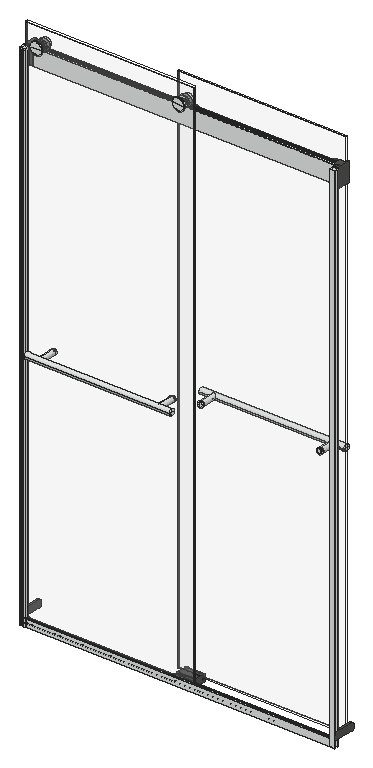
Revit family "Shower-Shower_Door-KOHLER-Levity_Plus-K-702428_1", category Specialty Equipment, host Face, Revit 2022 (continued)
Definition of nested family "K-702428"
  Dimensions and locks (in)
    locked: Masking region 4 sketch curve to plane 23 "H" at 0.40731
    aligned and locked: plane 2 to level
    aligned and locked: plane 6 to Extrusion 5
    aligned and locked: plane 6 to Extrusion 8
    aligned and locked: plane 7 to Extrusion 13 sketch curve
    aligned and locked: plane 7 to Extrusion 14
    aligned and locked: plane 15 to Extrusion 14
    aligned and locked: plane 6 to Extrusion 15 sketch curve
    aligned and locked: plane 7 to Extrusion 15 sketch curve
    aligned and locked: plane 15 to Extrusion 17 sketch curve
    aligned and locked: Masking region 1 sketch curve to plane 7
    aligned and locked: Masking region 1 sketch curve to plane 6
    aligned and locked: plane 6 to Extrusion 21
    aligned and locked: Masking region 2 sketch curve to Extrusion 10
    aligned and locked: plane 15 to Masking region 3 sketch curve  (x2)
    aligned and locked: Masking region 3 sketch curve to Extrusion 13
    aligned and locked: plane 6 to Masking region 3 sketch curve  (x2)
    aligned and locked: plane 7 to Masking region 3 sketch curve
    aligned and locked: Extrusion 13 to Masking region 3 sketch curve
    aligned and locked: Masking region 4 sketch curve to Revolve 11
    aligned and locked: plane 15 to Masking region 4 sketch curve
    aligned and locked: Masking region 4 sketch curve to Revolve 12  (x2)
    aligned and locked: plane 6 to curve 127
    aligned and locked: curve 128 to Extrusion 13
    aligned and locked: Revolve 24 sketch curve to plane 21
    aligned and locked: Revolve 24 sketch curve to plane 22
    aligned and locked: curve 168 to Revolve 23
    aligned and locked: Masking region 3 sketch curve to Masking region 3 sketch curve
    aligned and locked: plane 21 to Masking region 4 sketch curve
    aligned and locked: plane 22 to Masking region 4 sketch curve
    aligned and locked: Masking region 4 sketch curve to Masking region 4 sketch curve  (x2)
    aligned and locked: curve 176 to Masking region 4  (x2)
    aligned and locked: curve 175 to Masking region 4
    aligned and locked: curve 180 to Masking region 3
    aligned and locked: Masking region 3 to Masking region 3
    aligned and locked: curve 180 to curve 182
    aligned and locked: Masking region 3 to curve 182
    aligned and locked: curve 87 to Masking region 3
    aligned and locked: curve 183 to Masking region 3
    aligned and locked: Masking region 3 to curve 183
    aligned and locked: Masking region 3 to curve 181
    aligned and locked: curve 185 to Masking region 3
    aligned and locked: Masking region 4 to curve 174
    aligned and locked: Revolve 31 sketch curve to plane 23 "H"  (x2)
    aligned and locked: Revolve 32 sketch curve to plane 8 "E"
    aligned and locked: plane 8 "E" to Revolve 32 sketch curve
    aligned and locked: Revolve 33 sketch curve to plane 21
    aligned and locked: Revolve 33 sketch curve to plane 22
    aligned and locked: Masking region 4 sketch curve to Extrusion 17
    aligned and locked: Masking region 4 to curve 134
    aligned and locked: curve 134 to Masking region 4
    aligned and locked: Masking region 4 to curve 142
    aligned and locked: curve 142 to Masking region 4
  Automatic sketch dimensions
    Extrusion 1 sketch curve to Extrusion 1 sketch curve = 0.03079"
    Extrusion 1 sketch curve to Extrusion 1 sketch curve = 0.2541"
    Extrusion 1 sketch curve to Extrusion 1 sketch curve = 0.25668"
    Extrusion 1 sketch curve to Extrusion 1 sketch curve = 0.0315"  (x2)
    Extrusion 1 sketch curve to Extrusion 1 sketch curve = 0.60218"
    Extrusion 1 sketch curve to Extrusion 1 sketch curve = 0.03039"
    Extrusion 1 sketch curve to plane 1 "Center (Front/Back)" = 0.35413"
    Extrusion 1 sketch curve to Extrusion 1 sketch curve = 0.47171"
    Extrusion 1 sketch curve to Extrusion 1 sketch curve = 1.10192"
    Extrusion 1 sketch curve to Extrusion 1 sketch curve = 0.00743"
    Extrusion 1 sketch curve to Extrusion 1 sketch curve = 0.34229"
    plane 1 "Center (Front/Back)" to Extrusion 2 sketch curve = 0"  (x2)
    Extrusion 2 sketch curve to Extrusion 2 sketch curve = 0.04131"
    Extrusion 2 sketch curve to Extrusion 2 sketch curve = 0.09136"
    Extrusion 2 sketch curve to Extrusion 2 sketch curve = 0.19461"  (x2)
    Extrusion 2 sketch curve to Extrusion 2 sketch curve = 0.14115"  (x2)
    plane 1 "Center (Front/Back)" to Extrusion 2 sketch curve = 0.32797"
    Extrusion 2 sketch curve to Extrusion 2 sketch curve = 0.00361"  (x2)
    Extrusion 2 sketch curve to Extrusion 2 sketch curve = 0.10339"
    plane 1 "Center (Front/Back)" to Extrusion 2 sketch curve = 0.30702"
    Extrusion 2 sketch curve to Extrusion 2 sketch curve = 0.03454"  (x2)
    Extrusion 2 sketch curve to Extrusion 2 sketch curve = 0.01994"  (x2)
    Extrusion 2 sketch curve to Extrusion 2 sketch curve = 0.04271"  (x2)
    Extrusion 2 sketch curve to Extrusion 2 sketch curve = 0.06265"
    Extrusion 2 sketch curve to plane 1 "Center (Front/Back)" = 0.20982"
    Extrusion 2 sketch curve to Extrusion 2 sketch curve = 0"
    Extrusion 2 sketch curve to plane 1 "Center (Front/Back)" = 0.22464"
    Extrusion 3 sketch curve to Extrusion 3 sketch curve = 0.05752"  (x2)
    plane 1 "Center (Front/Back)" to Extrusion 3 sketch curve = 0.32797"
    Extrusion 3 sketch curve to Extrusion 3 sketch curve = 0.59999"  (x2)
    Extrusion 3 sketch curve to Extrusion 3 sketch curve = 0.00361"  (x2)
    Extrusion 3 sketch curve to Extrusion 3 sketch curve = 0.10339"
    plane 1 "Center (Front/Back)" to Extrusion 3 sketch curve = 0.30702"
    Extrusion 3 sketch curve to Extrusion 3 sketch curve = 0.05449"  (x2)
    Extrusion 3 sketch curve to plane 1 "Center (Front/Back)" = 0.22464"
    Extrusion 3 sketch curve to plane 1 "Center (Front/Back)" = 0.25253"
    plane 1 "Center (Front/Back)" to Extrusion 4 sketch curve = 0.20982"
    Extrusion 4 sketch curve to Extrusion 4 sketch curve = 0.01972"
    Extrusion 4 sketch curve to Extrusion 4 sketch curve = 0.25882"
    level to Extrusion 4 sketch curve = 1.05663"
    Extrusion 4 sketch curve to Extrusion 4 sketch curve = 0.57809"
    Extrusion 5 sketch curve to level = 0"
    Extrusion 5 sketch curve to plane 1 "Center (Front/Back)" = 0"
    plane 1 "Center (Front/Back)" to Extrusion 5 sketch curve = 0.19878"
    Extrusion 5 sketch curve to plane 1 "Center (Front/Back)" = 3/128"
    Extrusion 5 sketch curve to Extrusion 5 sketch curve = 0.04434"
    Extrusion 5 sketch curve to Extrusion 5 sketch curve = 0.04019"
    Extrusion 5 sketch curve to Extrusion 5 sketch curve = 0.07819"
    Extrusion 5 sketch curve to Extrusion 5 sketch curve = 0.0297"
    Extrusion 5 sketch curve to Extrusion 5 sketch curve = 0.02696"
    level to Extrusion 5 sketch curve = 0.07959"
    Extrusion 5 sketch curve to plane 1 "Center (Front/Back)" = 0.14319"
    Extrusion 5 sketch curve to Extrusion 5 sketch curve = 0.05652"
    Extrusion 5 sketch curve to Extrusion 5 sketch curve = 0.06857"
    Extrusion 5 sketch curve to Extrusion 5 sketch curve = 0.02971"
    Extrusion 5 sketch curve to Extrusion 5 sketch curve = 0.03753"
    Extrusion 5 sketch curve to Extrusion 5 sketch curve = 0.02998"
    Extrusion 5 sketch curve to Extrusion 5 sketch curve = 45/128"
    Extrusion 5 sketch curve to Extrusion 5 sketch curve = 0.34333"
    Extrusion 5 sketch curve to Extrusion 5 sketch curve = 0.07224"
    Extrusion 5 sketch curve to Extrusion 5 sketch curve = 0.01101"
    Extrusion 5 sketch curve to Extrusion 5 sketch curve = 15/128"
    Extrusion 5 sketch curve to Extrusion 5 sketch curve = 0.50603"
    Extrusion 5 sketch curve to Extrusion 5 sketch curve = 0.00157"
    Extrusion 5 sketch curve to Extrusion 5 sketch curve = 0.02425"
    Extrusion 5 sketch curve to Extrusion 5 sketch curve = 0.01999"
    Extrusion 5 sketch curve to Extrusion 5 sketch curve = 0.04542"
    Extrusion 5 sketch curve to Extrusion 5 sketch curve = 0.01816"
    Revolve 6 sketch curve to plane 10 = 0"  (x2)
    Revolve 6 sketch curve to plane 1 "Center (Front/Back)" = 1.79905"
    Revolve 6 sketch curve to Revolve 6 sketch curve = 0.36643"
    Revolve 6 sketch curve to Revolve 6 sketch curve = 0.18701"  (x2)
    Revolve 6 sketch curve to Revolve 6 sketch curve = 0.13646"
    Revolve 6 sketch curve to Revolve 6 sketch curve = 0.19685"  (x2)
    Revolve 6 sketch curve to Revolve 6 sketch curve = 0.35769"
    Revolve 6 sketch curve to plane 1 "Center (Front/Back)" = 0.06827"
    Revolve 6 sketch curve to plane 1 "Center (Front/Back)" = 0.02811"
    plane 1 "Center (Front/Back)" to Revolve 6 sketch curve = 0.09751"
    Revolve 6 sketch curve to Revolve 6 sketch curve = 0.04293"
    plane 10 to Revolve 6 sketch curve = 0.4638"
    plane 10 to Revolve 6 sketch curve = 0.47661"
    Revolve 6 sketch curve to Revolve 6 sketch curve = 0.05951"
    Revolve 6 sketch curve to Revolve 6 sketch curve = 0.21742"
    Revolve 6 sketch curve to Revolve 6 sketch curve = 0.26917"
    Revolve 6 sketch curve to Revolve 6 sketch curve = 0.05219"
    Revolve 6 sketch curve to Revolve 6 sketch curve = 0.23207"
    Revolve 6 sketch curve to Revolve 6 sketch curve = 0.00276"
    Revolve 6 sketch curve to Revolve 6 sketch curve = 0.04017"
    Revolve 6 sketch curve to Revolve 6 sketch curve = 0.98425"
    Revolve 6 sketch curve to Revolve 6 sketch curve = 0"
    Revolve 7 sketch curve to plane 1 "Center (Front/Back)" = 1.79905"
    Revolve 7 sketch curve to Revolve 7 sketch curve = 0.36643"
    Revolve 7 sketch curve to Revolve 7 sketch curve = 0.18701"  (x2)
    Revolve 7 sketch curve to Revolve 7 sketch curve = 0.13646"
    Revolve 7 sketch curve to Revolve 7 sketch curve = 0.19685"  (x2)
    Revolve 7 sketch curve to Revolve 7 sketch curve = 0.35769"
    Revolve 7 sketch curve to plane 1 "Center (Front/Back)" = 0.06827"
    Revolve 7 sketch curve to plane 1 "Center (Front/Back)" = 0.02811"
    plane 1 "Center (Front/Back)" to Revolve 7 sketch curve = 0.09751"
    Revolve 7 sketch curve to Revolve 7 sketch curve = 0.04293"
    Revolve 7 sketch curve to Revolve 7 sketch curve = 0.05951"
    Revolve 7 sketch curve to Revolve 7 sketch curve = 0.21742"
    Revolve 7 sketch curve to Revolve 7 sketch curve = 0.26917"
    Revolve 7 sketch curve to Revolve 7 sketch curve = 0.05219"
    Revolve 7 sketch curve to Revolve 7 sketch curve = 0.23207"
    Revolve 7 sketch curve to Revolve 7 sketch curve = 0.00276"
    Revolve 7 sketch curve to Revolve 7 sketch curve = 0.04017"
    Revolve 7 sketch curve to Revolve 7 sketch curve = 0.98425"
    Revolve 7 sketch curve to Revolve 7 sketch curve = 0"  (x2)
    Extrusion 8 sketch curve to plane 1 "Center (Front/Back)" = 0.97838"
    Extrusion 8 sketch curve to Extrusion 8 sketch curve = 0.04771"
    Extrusion 8 sketch curve to Extrusion 8 sketch curve = 0.19946"
    Extrusion 8 sketch curve to Extrusion 8 sketch curve = 0.06749"
    Extrusion 8 sketch curve to Extrusion 8 sketch curve = 0.07625"
    Extrusion 8 sketch curve to Extrusion 8 sketch curve = 0.10945"
    Extrusion 8 sketch curve to Extrusion 8 sketch curve = 0.00724"
    Extrusion 8 sketch curve to Extrusion 8 sketch curve = 0.01781"
    Extrusion 8 sketch curve to Extrusion 8 sketch curve = 0.07472"
    Extrusion 8 sketch curve to Extrusion 8 sketch curve = 0.26709"
    Extrusion 8 sketch curve to Extrusion 8 sketch curve = 0.25238"
    Extrusion 8 sketch curve to Extrusion 8 sketch curve = 0.11432"
    Extrusion 8 sketch curve to Extrusion 8 sketch curve = 0.167"
    Extrusion 8 sketch curve to Extrusion 8 sketch curve = 0.38221"
    Extrusion 8 sketch curve to Extrusion 8 sketch curve = 0.02708"
    Extrusion 8 sketch curve to Extrusion 8 sketch curve = 0.03426"
    Extrusion 8 sketch curve to Extrusion 8 sketch curve = 0.04358"
    Extrusion 8 sketch curve to Extrusion 8 sketch curve = 0.05805"
    Extrusion 8 sketch curve to Extrusion 8 sketch curve = 0.04965"
    Extrusion 8 sketch curve to Extrusion 8 sketch curve = 0.03062"
    Extrusion 8 sketch curve to Extrusion 8 sketch curve = 0.27127"
    Extrusion 8 sketch curve to Extrusion 8 sketch curve = 0.01337"
    Extrusion 8 sketch curve to Extrusion 8 sketch curve = 1/8"
    Extrusion 8 sketch curve to Extrusion 8 sketch curve = 0.62317"
    Extrusion 8 sketch curve to Extrusion 8 sketch curve = 0.09894"
    Extrusion 8 sketch curve to Extrusion 8 sketch curve = 0.11003"
    Extrusion 8 sketch curve to Extrusion 8 sketch curve = 0.06863"
    Extrusion 8 sketch curve to Extrusion 8 sketch curve = 0.04403"
    Extrusion 8 sketch curve to Extrusion 8 sketch curve = 0.07343"
    Extrusion 8 sketch curve to Extrusion 8 sketch curve = 0.06223"
    Extrusion 10 sketch curve to level = 0"
    Extrusion 10 sketch curve to plane 1 "Center (Front/Back)" = 0.30693"
    Extrusion 10 sketch curve to Extrusion 10 sketch curve = 0.16911"
    Extrusion 10 sketch curve to Extrusion 10 sketch curve = 0.03435"
    Extrusion 10 sketch curve to Extrusion 10 sketch curve = 0.04675"
    Extrusion 10 sketch curve to Extrusion 10 sketch curve = 0.27567"
    Extrusion 10 sketch curve to Extrusion 10 sketch curve = 0.02104"  (x2)
    level to Extrusion 10 sketch curve = 0.22974"  (x2)
    Extrusion 10 sketch curve to Extrusion 10 sketch curve = 0.10752"
    Extrusion 10 sketch curve to Extrusion 10 sketch curve = 0.08964"  (x2)
    Extrusion 10 sketch curve to Extrusion 10 sketch curve = 0.18469"  (x2)
    level to Extrusion 10 sketch curve = 0.22333"  (x2)
    Extrusion 10 sketch curve to Extrusion 10 sketch curve = 0.08608"  (x2)
    Extrusion 10 sketch curve to plane 1 "Center (Front/Back)" = 0.99117"
    Extrusion 10 sketch curve to Extrusion 10 sketch curve = 0.41665"  (x2)
    Extrusion 10 sketch curve to Extrusion 10 sketch curve = 0.04608"  (x2)
    Extrusion 10 sketch curve to Extrusion 10 sketch curve = 1.03242"
    level to Extrusion 10 sketch curve = 1.02412"
    Extrusion 10 sketch curve to Extrusion 10 sketch curve = 0.04197"
    Extrusion 10 sketch curve to Extrusion 10 sketch curve = 0.13366"
    level to Extrusion 10 sketch curve = 1.04611"
    Extrusion 10 sketch curve to Extrusion 10 sketch curve = 0.02291"
    Extrusion 10 sketch curve to Extrusion 10 sketch curve = 0.2467"
    level to Extrusion 10 sketch curve = 0.08994"
    Extrusion 10 sketch curve to Extrusion 10 sketch curve = 0.03772"
    Extrusion 10 sketch curve to Extrusion 10 sketch curve = 0.08809"
    Extrusion 10 sketch curve to Extrusion 10 sketch curve = 0.08169"
    Extrusion 10 sketch curve to Extrusion 10 sketch curve = 0.79837"
    Extrusion 10 sketch curve to Extrusion 10 sketch curve = 0.00241"
    Extrusion 10 sketch curve to Extrusion 10 sketch curve = 0.0012"
    Extrusion 10 sketch curve to Extrusion 10 sketch curve = 0.02268"
    Extrusion 10 sketch curve to Extrusion 10 sketch curve = 0.02105"
    Extrusion 10 sketch curve to Extrusion 10 sketch curve = 0.00037"
    Extrusion 10 sketch curve to Extrusion 10 sketch curve = 1.18136"
    Revolve 12 sketch curve to Revolve 12 sketch curve = 0.05802"
    Revolve 12 sketch curve to Revolve 12 sketch curve = 0.12991"
    Revolve 12 sketch curve to Revolve 12 sketch curve = 0.23375"
    Revolve 12 sketch curve to Revolve 12 sketch curve = 0.00086"
    Revolve 12 sketch curve to Revolve 12 sketch curve = 0.04165"  (x2)
    Revolve 12 sketch curve to Revolve 12 sketch curve = 0.04078"
    Revolve 12 sketch curve to Revolve 12 sketch curve = 0.12631"
    Revolve 12 sketch curve to Revolve 12 sketch curve = 0.29364"
    Revolve 12 sketch curve to Revolve 12 sketch curve = 0.3614"
    Revolve 12 sketch curve to Revolve 12 sketch curve = 0.25664"
    Revolve 12 sketch curve to Revolve 12 sketch curve = 0.3937"
    Revolve 12 sketch curve to Revolve 12 sketch curve = 0.50511"
    plane 1 "Center (Front/Back)" to Extrusion 14 sketch curve = 0.23901"
    Extrusion 14 sketch curve to Extrusion 14 sketch curve = 0.01972"
    Extrusion 14 sketch curve to Extrusion 14 sketch curve = 0.25882"
    level to Extrusion 14 sketch curve = 2.13263"
    Extrusion 14 sketch curve to Extrusion 14 sketch curve = 0.57809"
    Extrusion 18 sketch curve to plane 1 "Center (Front/Back)" = 0.32797"
    plane 1 "Center (Front/Back)" to Extrusion 18 sketch curve = 0.32797"
    Extrusion 18 sketch curve to Extrusion 18 sketch curve = 0.76451"
    Revolve 19 sketch curve to Revolve 19 sketch curve = 0.19685"  (x2)
    Revolve 19 sketch curve to Revolve 19 sketch curve = 0.13646"
    Revolve 19 sketch curve to Revolve 19 sketch curve = 0.37402"
    Revolve 19 sketch curve to Revolve 19 sketch curve = 0.36643"
    Revolve 19 sketch curve to plane 1 "Center (Front/Back)" = 0.06827"
    plane 1 "Center (Front/Back)" to Revolve 19 sketch curve = 0.14044"
    Revolve 19 sketch curve to Revolve 19 sketch curve = 0.12453"
    Revolve 19 sketch curve to Revolve 19 sketch curve = 0.15792"
    Revolve 19 sketch curve to Revolve 19 sketch curve = 0.07232"
    Revolve 19 sketch curve to Revolve 19 sketch curve = 0.05219"
    Revolve 19 sketch curve to Revolve 19 sketch curve = 0.275"
    Revolve 19 sketch curve to Revolve 19 sketch curve = 0.31118"
    Revolve 20 sketch curve to plane 10 = 0"  (x2)
    Revolve 20 sketch curve to plane 1 "Center (Front/Back)" = 1.79905"
    Revolve 20 sketch curve to Revolve 20 sketch curve = 0.36643"
    Revolve 20 sketch curve to Revolve 20 sketch curve = 0.37402"
    Revolve 20 sketch curve to Revolve 20 sketch curve = 0.13646"
    Revolve 20 sketch curve to Revolve 20 sketch curve = 0.19685"  (x2)
    Revolve 20 sketch curve to plane 1 "Center (Front/Back)" = 0.06827"
    plane 1 "Center (Front/Back)" to Revolve 20 sketch curve = 0.14044"
    plane 10 to Revolve 20 sketch curve = 0.53612"
    Revolve 20 sketch curve to Revolve 20 sketch curve = 0.12453"
    Revolve 20 sketch curve to Revolve 20 sketch curve = 0.15792"
    Revolve 20 sketch curve to Revolve 20 sketch curve = 0.07232"
    Revolve 20 sketch curve to Revolve 20 sketch curve = 0.05219"
    Revolve 20 sketch curve to Revolve 20 sketch curve = 0.275"
    Revolve 20 sketch curve to Revolve 20 sketch curve = 0.31118"
    Extrusion 21 sketch curve to plane 1 "Center (Front/Back)" = 0.97838"
    Extrusion 21 sketch curve to Extrusion 21 sketch curve = 0.94794"
    Revolve 11 sketch curve to Revolve 11 sketch curve = 0.04078"  (x2)
    Revolve 11 sketch curve to Revolve 11 sketch curve = 0.12631"
    Revolve 11 sketch curve to Revolve 11 sketch curve = 0.04165"
    Revolve 11 sketch curve to Revolve 11 sketch curve = 0.29364"
    Revolve 11 sketch curve to Revolve 11 sketch curve = 0.3614"
    Revolve 11 sketch curve to Revolve 11 sketch curve = 0.25664"
    Revolve 11 sketch curve to Revolve 11 sketch curve = 0.05802"
    Revolve 11 sketch curve to Revolve 11 sketch curve = 0.12991"
    Revolve 11 sketch curve to Revolve 11 sketch curve = 0.3937"
    Revolve 11 sketch curve to Revolve 11 sketch curve = 0.50511"
    Extrusion 1 sketch curve to plane 16 = 0"
    plane 16 to Extrusion 1 sketch curve = 0.0315"
    plane 16 to Extrusion 1 sketch curve = 81/256"
    Extrusion 2 sketch curve to plane 16 = 0"  (x2)
    plane 16 to Extrusion 2 sketch curve = 0.05752"  (x2)
    plane 16 to Extrusion 2 sketch curve = 0.18908"
    Extrusion 3 sketch curve to plane 16 = 0"
    Extrusion 18 sketch curve to plane 16 = 0"
    Extrusion 13 sketch curve to plane 18 = 1.83498"
    Extrusion 13 sketch curve to Extrusion 13 sketch curve = 0.10187"
    Extrusion 13 sketch curve to plane 15 = 0.03713"
    Extrusion 13 sketch curve to Extrusion 13 sketch curve = 0.20309"
    plane 15 to Extrusion 13 sketch curve = 0.05161"
    Extrusion 13 sketch curve to Extrusion 13 sketch curve = 0.06158"
    Extrusion 13 sketch curve to plane 18 = 51/128"
    Extrusion 13 sketch curve to Extrusion 13 sketch curve = 0.06723"
    plane 15 to Extrusion 13 sketch curve = 0.01208"
    Extrusion 13 sketch curve to Extrusion 13 sketch curve = 0.06013"
    plane 18 to Extrusion 13 sketch curve = 0.19477"
    Extrusion 13 sketch curve to plane 15 = 0.03488"
    Extrusion 13 sketch curve to plane 6 = 0.14544"
    Extrusion 15 sketch curve to plane 7 = 0"
    plane 18 to Extrusion 15 sketch curve = 0.24174"
    Extrusion 15 sketch curve to Extrusion 15 sketch curve = 0.07874"  (x2)
    plane 1 "Center (Front/Back)" to Extrusion 15 sketch curve = 0.23901"
    plane 6 to Extrusion 15 sketch curve = 0.07874"
    Extrusion 16 sketch curve to plane 6 = 0"
    Extrusion 16 sketch curve to plane 7 = 0"
    plane 1 "Center (Front/Back)" to Extrusion 16 sketch curve = 0.31775"
    plane 18 to Extrusion 16 sketch curve = 0.24174"
    Masking region 1 sketch curve to plane 16 = 0"
    plane 4 to Masking region 1 sketch curve = 4.05512"
    Masking region 1 sketch curve to level = 0"
    Masking region 1 sketch curve to plane 15 = 0"
    plane 16 to Masking region 1 sketch curve = 0.32149"
    plane 16 to Masking region 1 sketch curve = 0.32175"
    level to Masking region 1 sketch curve = 0.07959"
    level to Masking region 1 sketch curve = 0.08036"
    Revolve 22 sketch curve to plane 5 "G" = 0"  (x2)
    plane 5 "G" to Revolve 22 sketch curve = 0.40731"
    Revolve 22 sketch curve to plane 18 = 1.55027"
    Revolve 22 sketch curve to Revolve 22 sketch curve = 0.03915"
    Revolve 22 sketch curve to Revolve 22 sketch curve = 0.19685"  (x2)
    Revolve 22 sketch curve to Revolve 22 sketch curve = 0.02445"
    Revolve 22 sketch curve to Revolve 22 sketch curve = 0.04375"
    Revolve 22 sketch curve to Revolve 22 sketch curve = 0.26419"
    Revolve 23 sketch curve to plane 1 "Center (Front/Back)" = 2.08042"
    Revolve 23 sketch curve to plane 5 "G" = 0.42227"
    Revolve 23 sketch curve to plane 5 "G" = 0.40731"
    Revolve 23 sketch curve to Revolve 23 sketch curve = 0.02445"
    Revolve 23 sketch curve to Revolve 23 sketch curve = 0.04375"
    Revolve 23 sketch curve to plane 1 "Center (Front/Back)" = 1.85912"
    Revolve 23 sketch curve to Revolve 23 sketch curve = 0.39781"
    Revolve 23 sketch curve to Revolve 23 sketch curve = 0"
    Revolve 23 sketch curve to plane 1 "Center (Front/Back)" = 1.66227"
    Revolve 23 sketch curve to Revolve 23 sketch curve = 0.26419"
    Revolve 25 sketch curve to plane 5 "G" = 0"  (x2)
    Revolve 25 sketch curve to plane 12 = 0"
    Revolve 25 sketch curve to plane 18 = 0.14179"
    Revolve 25 sketch curve to Revolve 25 sketch curve = 0.05866"
    Revolve 25 sketch curve to Revolve 25 sketch curve = 0.20589"
    Revolve 25 sketch curve to Revolve 25 sketch curve = 0.23232"
    plane 5 "G" to Revolve 25 sketch curve = 0.26853"
    Revolve 25 sketch curve to Revolve 25 sketch curve = 0.10521"
    plane 11 to Revolve 25 sketch curve = 0.20073"
    Revolve 25 sketch curve to Revolve 25 sketch curve = 0.3937"
    Revolve 26 sketch curve to plane 5 "G" = 0"  (x2)
    Revolve 26 sketch curve to plane 12 = 0"
    Revolve 26 sketch curve to plane 18 = 0.14179"
    Revolve 26 sketch curve to Revolve 26 sketch curve = 0.05866"
    Revolve 26 sketch curve to Revolve 26 sketch curve = 0.20589"
    Revolve 26 sketch curve to Revolve 26 sketch curve = 0.23232"
    plane 5 "G" to Revolve 26 sketch curve = 0.26853"
    Revolve 26 sketch curve to Revolve 26 sketch curve = 0.10521"
    plane 11 to Revolve 26 sketch curve = 0.73747"
    Revolve 26 sketch curve to Revolve 26 sketch curve = 0.59055"
    plane 12 to Revolve 27 sketch curve = 0"  (x2)
    Revolve 27 sketch curve to plane 20 = 0"
    plane 11 to Revolve 27 sketch curve = 0"
    Revolve 27 sketch curve to plane 19 = 0"
    Revolve 27 sketch curve to plane 20 = 0.04829"
    plane 19 to Revolve 27 sketch curve = 0.05182"
    Revolve 27 sketch curve to plane 11 = 0.05182"
    Revolve 27 sketch curve to plane 11 = 0.04829"
    Revolve 27 sketch curve to Revolve 27 sketch curve = 0.69307"
    Revolve 27 sketch curve to Revolve 27 sketch curve = 0.46492"
    Revolve 24 sketch curve to plane 21 = 0"
    plane 22 to Revolve 24 sketch curve = 0.04987"
    plane 21 to Revolve 24 sketch curve = 0.0499"
    Revolve 24 sketch curve to Revolve 24 sketch curve = 0.51786"
    Revolve 24 sketch curve to Revolve 24 sketch curve = 0"
    Masking region 3 sketch curve to plane 18 = 0.08932"
    Masking region 3 sketch curve to plane 20 = 0"
    Masking region 3 sketch curve to plane 19 = 0"
    Masking region 3 sketch curve to plane 12 = 0.44363"  (x3)
    plane 11 to Masking region 3 sketch curve = 0"
    Masking region 3 sketch curve to Masking region 3 sketch curve = 0.06042"  (x2)
    plane 15 to Masking region 3 sketch curve = 0.06248"
    Masking region 3 sketch curve to plane 18 = 0.26873"
    Masking region 3 sketch curve to plane 18 = 0.31953"
    Masking region 3 sketch curve to Masking region 3 sketch curve = 0.03039"
    Masking region 3 sketch curve to Masking region 3 sketch curve = 0.05623"  (x2)
    Masking region 3 sketch curve to Masking region 3 sketch curve = 0.25727"
    Masking region 3 sketch curve to Masking region 3 sketch curve = 0.07787"
    Masking region 3 sketch curve to Masking region 3 sketch curve = 0.94794"  (x2)
    Masking region 3 sketch curve to plane 3 "Center (Left/Right)" = 0.34077"  (x2)
    Masking region 3 sketch curve to Masking region 3 sketch curve = 0.08427"
    Masking region 3 sketch curve to Masking region 3 sketch curve = 0.09483"
    plane 16 to Masking region 3 sketch curve = 0.31967"  (x2)
    Masking region 3 sketch curve to Masking region 3 sketch curve = 0.0074"
    plane 15 to Masking region 3 sketch curve = 0.05343"
    Masking region 3 sketch curve to Masking region 3 sketch curve = 0.86763"
    Masking region 3 sketch curve to Masking region 3 sketch curve = 1.11181"
    Masking region 3 sketch curve to Masking region 3 sketch curve = 1.14727"
    plane 3 "Center (Left/Right)" to Masking region 3 sketch curve = 0.02451"
    plane 18 to Masking region 3 sketch curve = 0.01021"
    plane 18 to Masking region 3 sketch curve = 0.24174"
    plane 1 "Center (Front/Back)" to Masking region 3 sketch curve = 0.19878"  (x3)
    plane 1 "Center (Front/Back)" to Masking region 3 sketch curve = 0.31775"
    Masking region 3 sketch curve to Masking region 3 sketch curve = 0.04829"
    Masking region 3 sketch curve to Masking region 3 sketch curve = 0.05182"
    Masking region 3 sketch curve to plane 11 = 0.05182"
    Masking region 3 sketch curve to plane 11 = 0.04829"
    Masking region 3 sketch curve to Masking region 3 sketch curve = 85/128"
    Masking region 3 sketch curve to plane 19 = 0.49039"
    Masking region 3 sketch curve to Masking region 3 sketch curve = 0.19685"  (x5)
    plane 19 to Masking region 3 sketch curve = 0.05182"  (x2)
    plane 19 to Masking region 3 sketch curve = 0.7787"
    Masking region 3 sketch curve to plane 24 "P" = 0.40028"
    Masking region 3 sketch curve to plane 24 "P" = 0.38638"
    plane 24 "P" to Masking region 3 sketch curve = 0.2764"
    plane 24 "P" to Masking region 3 sketch curve = 0.38638"
    plane 25 "R" to Masking region 3 sketch curve = 0.60522"
    Masking region 3 sketch curve to plane 20 = 0.04829"  (x2)
    plane 25 "R" to Masking region 3 sketch curve = 0.38638"
    Masking region 4 sketch curve to plane 17 "T" = 0"
    Masking region 4 sketch curve to plane 13 "C" = 0"
    Masking region 4 sketch curve to Masking region 4 sketch curve = 0.04987"
    Masking region 4 sketch curve to Masking region 4 sketch curve = 0.04087"  (x4)
    Masking region 4 sketch curve to plane 6 = 0.59954"
    Masking region 4 sketch curve to Masking region 4 sketch curve = 0.04088"  (x4)
    Masking region 4 sketch curve to Masking region 4 sketch curve = 0.12612"  (x2)
    Masking region 4 sketch curve to Masking region 4 sketch curve = 0.12614"
    Masking region 4 sketch curve to Masking region 4 sketch curve = 0.04173"  (x4)
    Masking region 4 sketch curve to Masking region 4 sketch curve = 0.04175"  (x3)
    Masking region 4 sketch curve to Masking region 4 sketch curve = 0.27822"  (x3)
    Masking region 4 sketch curve to Masking region 4 sketch curve = 0.27018"
    Masking region 4 sketch curve to Masking region 4 sketch curve = 0.2358"  (x6)
    Masking region 4 sketch curve to plane 21 = 0.59241"
    Masking region 4 sketch curve to Masking region 4 sketch curve = 0.23375"  (x4)
    plane 21 to Masking region 4 sketch curve = 0.0499"  (x2)
    Masking region 4 sketch curve to Masking region 4 sketch curve = 0.00086"
    plane 8 "E" to Masking region 4 sketch curve = 0.40731"  (x2)
    Masking region 4 sketch curve to Masking region 4 sketch curve = 0.40302"
    plane 13 "C" to Masking region 4 sketch curve = 0.73868"
    plane 22 to Masking region 4 sketch curve = 0.05086"
    plane 22 to Masking region 4 sketch curve = 0.04987"
    curve 130 to plane 7 = 0"
    curve 52 to plane 16 = 0"
    curve 131 to plane 15 = 0"
    curve 145 to plane 15 = 0"
    curve 144 to plane 7 = 0"
    curve 57 to plane 16 = 0"
    curve 129 to plane 7 = 0"
    curve 129 to plane 15 = 0"
    curve 145 to plane 18 = 0.02302"
    curve 119 to plane 18 = 0.35285"
    curve 110 to curve 111 = 0.13646"
    curve 78 to plane 18 = 0.48931"
    curve 81 to curve 80 = 0.18701"
    curve 84 to curve 83 = 0.18701"
    curve 113 to curve 115 = 0.18701"
    curve 117 to curve 118 = 0.18701"
    curve 77 to curve 84 = 0.18701"
    curve 109 to curve 113 = 0.18701"
    curve 82 to curve 82 = 0.36643"
    curve 108 to curve 114 = 0.36643"
    curve 131 to plane 15 = 0.10187"
    curve 131 to curve 145 = 1.71009"
    plane 16 to curve 53 = 0.28489"
    curve 53 to curve 76 = 0.56828"
    plane 16 to curve 52 = 0.03079"
    curve 52 to curve 53 = 0.00425"
    plane 18 to curve 144 = 0.07886"
    plane 16 to curve 57 = 0.0315"
    plane 18 to curve 57 = 0.18367"
    curve 58 to curve 56 = 0.02992"
    curve 66 to plane 1 "Center (Front/Back)" = 0.06827"
    curve 103 to plane 1 "Center (Front/Back)" = 0.06827"
    curve 106 to plane 1 "Center (Front/Back)" = 0.02811"
    curve 66 to plane 1 "Center (Front/Back)" = 0.02811"
    plane 1 "Center (Front/Back)" to curve 102 = 0.09751"
    plane 1 "Center (Front/Back)" to curve 71 = 0.09751"
    curve 61 to curve 70 = 0.04293"
    curve 98 to curve 104 = 0.04293"
    curve 59 to curve 193 = 1/16"
    curve 85 to curve 66 = 0.61787"
    curve 62 to curve 63 = 0.04017"
    curve 61 to curve 64 = 0.04293"
    curve 78 to plane 19 = 0.50364"
    curve 77 to curve 79 = 0.05219"
    curve 81 to plane 19 = 0.21175"
    plane 19 to curve 84 = 0.69692"
    curve 84 to curve 76 = 0.2397"
    curve 82 to curve 77 = 0.05219"
    curve 194 to curve 60 = 0.23207"
    curve 60 to curve 63 = 0.00276"
    curve 60 to curve 61 = 0.04293"
    plane 25 "R" to curve 103 = 0.79118"
    curve 99 to curve 100 = 0.04017"
    curve 98 to curve 101 = 0.04293"
    plane 10 to curve 109 = 0.74622"
    curve 110 to curve 111 = 0.01326"
    curve 113 to curve 114 = 0.05219"
    curve 114 to curve 113 = 0.22848"
    plane 20 to curve 117 = 0.20171"
    plane 20 to curve 116 = 0.42087"
    curve 117 to curve 119 = 0.25809"
    curve 116 to curve 109 = 0.05219"
    curve 191 to curve 104 = 0.23217"
    curve 97 to curve 106 = 0.00276"
    curve 97 to curve 98 = 0.04293"
    curve 55 to plane 3 "Center (Left/Right)" = 0.03549"
    curve 107 to plane 18 = 0.15181"
    curve 68 to plane 18 = 0.15181"
    curve 80 to curve 69 = 0.13646"
    curve 128 to plane 18 = 51/128"
    curve 124 to curve 107 = 0.25721"
    curve 125 to curve 107 = 0.25721"
    curve 67 to plane 18 = 0.40908"
    curve 75 to plane 18 = 0.40908"
    curve 83 to curve 69 = 0.05623"
    curve 80 to curve 69 = 0.05623"
    curve 80 to curve 91 = 0.01269"
    curve 115 to curve 94 = 0.01269"
    curve 118 to curve 123 = 0.01269"
    curve 90 to curve 81 = 0.18677"
    curve 122 to curve 110 = 0.18677"
    curve 93 to curve 84 = 0.18677"
    curve 121 to curve 122 = 0.20199"
    curve 95 to curve 82 = 0.01474"
    curve 89 to curve 79 = 0.01474"
    curve 76 to curve 92 = 0.09243"
    curve 76 to curve 120 = 0.09154"
    curve 88 to curve 121 = 0.26015"
    curve 96 to plane 3 "Center (Left/Right)" = 0.34077"
    curve 96 to curve 125 = 0.94799"
    curve 67 to curve 92 = 0.2197"
    curve 128 to curve 88 = 0.24149"
    curve 133 to curve 96 = 0.17248"
    curve 135 to plane 21 = 0.59241"
    curve 135 to plane 18 = 1.59282"
    plane 13 "C" to curve 143 = 0.73868"
    curve 143 to plane 18 = 1.59282"
    curve 53 to curve 53 = 0.00425"
    curve 134 to curve 135 = 0.38262"
    curve 132 to curve 133 = 0.46273"
    curve 139 to curve 142 = 0.27822"
    curve 141 to curve 139 = 0.04173"
    curve 138 to curve 136 = 0.04175"
    curve 137 to curve 138 = 0.12612"
    curve 140 to curve 141 = 0.12614"
    plane 18 to curve 127 = 0.12598"
    curve 144 to curve 129 = 0.16289"
    curve 87 to plane 1 "Center (Front/Back)" = 0.20171"
    curve 184 to curve 190 = 0.13344"
    curve 54 to curve 85 = 0.13229"
    curve 86 to curve 194 = 0.1274"
    curve 126 to curve 191 = 0.1274"
    plane 1 "Center (Front/Back)" to curve 74 = 0.19878"
    plane 1 "Center (Front/Back)" to curve 54 = 0.19878"
    plane 1 "Center (Front/Back)" to curve 73 = 0.19878"
    plane 1 "Center (Front/Back)" to curve 127 = 0.19878"
    curve 90 to curve 90 = 0.53002"
    curve 78 to curve 68 = 0.01326"
    curve 78 to curve 69 = 0.21011"
    curve 80 to curve 69 = 0"
    curve 69 to curve 78 = 0.21011"
    curve 83 to curve 69 = 0"
    curve 69 to curve 68 = 0.19685"
    curve 75 to plane 24 "P" = 0.40028"
    curve 86 to plane 24 "P" = 0.38638"
    plane 24 "P" to curve 87 = 0.38638"
    plane 24 "P" to curve 75 = 0.40028"
    curve 138 to curve 137 = 0"  (x2)
    curve 138 to curve 136 = 0.2755"
    curve 134 to curve 135 = 0.0719"
    curve 136 to curve 137 = 0.2755"
    plane 25 "R" to curve 184 = 0.38638"
    curve 107 to curve 112 = 0.38865"
    curve 96 to curve 108 = 0.42758"
    curve 124 to curve 107 = 0"
    plane 25 "R" to curve 132 = 0.60522"
    curve 133 to curve 96 = 0"  (x2)
    curve 111 to curve 115 = 0.19685"
    curve 117 to curve 118 = 0.06124"
    curve 132 to plane 3 "Center (Left/Right)" = 0.34077"
    curve 125 to curve 107 = 0"
    curve 141 to curve 140 = 0"  (x2)
    curve 141 to curve 139 = 0.27548"
    curve 139 to curve 142 = 0"
    curve 142 to curve 139 = 0"
    curve 139 to curve 140 = 0.27548"
    Revolve 28 sketch curve to plane 24 "P" = 0"  (x2)
    plane 12 to Revolve 28 sketch curve = 0"
    Revolve 28 sketch curve to Revolve 28 sketch curve = 0.38638"
    Revolve 28 sketch curve to plane 18 = 0.47406"
    Revolve 28 sketch curve to Revolve 28 sketch curve = 1.54309"
    Revolve 29 sketch curve to plane 25 "R" = 0"  (x2)
    plane 12 to Revolve 29 sketch curve = 0"
    Revolve 29 sketch curve to Revolve 29 sketch curve = 0.38638"
    Revolve 29 sketch curve to plane 18 = 0.47662"
    plane 11 to Revolve 29 sketch curve = 0.93432"
    Revolve 29 sketch curve to Revolve 29 sketch curve = 0.98425"
    plane 12 to Revolve 30 sketch curve = 0"  (x2)
    plane 11 to Revolve 30 sketch curve = 0"
    Revolve 30 sketch curve to plane 20 = 0"
    Revolve 30 sketch curve to plane 19 = 0"
    plane 20 to Revolve 30 sketch curve = 0.3937"
    Revolve 30 sketch curve to Revolve 30 sketch curve = 0.59055"
    Revolve 31 sketch curve to plane 18 = 1.35701"
    Revolve 31 sketch curve to Revolve 31 sketch curve = 1.1811"
    Revolve 32 sketch curve to plane 18 = 1.35701"
    Revolve 32 sketch curve to Revolve 32 sketch curve = 1.37795"
    plane 14 "D" to Revolve 33 sketch curve = 2.89489"
    Revolve 33 sketch curve to Revolve 33 sketch curve = 2.16535"
    plane 16 to Masking region 3 sketch curve = 0.76122"
    Masking region 3 sketch curve to plane 16 = 0"
    Masking region 3 sketch curve to Masking region 3 sketch curve = 0.12919"
    curve 54 to plane 1 "Center (Front/Back)" = 0.32797"
    curve 57 to curve 59 = 0.25826"
    plane 4 to Masking region 1 sketch curve = 0.83192"
    curve 36 to curve 37 = 0"  (x2)
    curve 38 to curve 39 = 0"  (x2)
    curve 155 to plane 19 = 0"
    plane 10 to curve 39 = 0"
    curve 159 to plane 20 = 0"
    curve 47 to plane 3 "Center (Left/Right)" = 0"
    curve 44 to plane 6 = 0"
    curve 41 to plane 15 = 0"
    curve 45 to plane 7 = 0"
    curve 159 to plane 5 "G" = 0"
    curve 162 to plane 5 "G" = 0"
    curve 40 to plane 26 = 0"
    plane 16 to curve 32 = 0.76451"
    plane 19 to curve 156 = 0.05168"
    plane 19 to curve 37 = 0.24258"
    curve 158 to plane 20 = 0.04816"
    curve 167 to curve 164 = 0.00005"
    curve 41 to plane 6 = 0.21268"
    curve 167 to plane 5 "G" = 0.00143"
    curve 165 to plane 5 "G" = 0.39182"
    curve 166 to plane 5 "G" = 0.39697"
    curve 164 to curve 164 = 0.04811"
    level to curve 33 = 0.08036"
    curve 155 to curve 155 = 0.39182"
    curve 159 to curve 159 = 0.39534"
    curve 159 to curve 158 = 0.04816"
    plane 9 "A" to curve 42 = 3.42639"
    plane 4 to curve 45 = 0.72321"
    curve 44 to curve 41 = 0.10871"
    plane 4 to curve 32 = 0.84687"
    plane 4 to curve 36 = 1.26142"
    plane 4 to curve 38 = 1.26142"
    plane 16 to curve 34 = 0.32175"
    plane 16 to curve 32 = 0.32149"
    curve 163 to curve 167 = 0.0003"
    level to curve 40 = 1.04703"
    level to curve 44 = 0.07959"
    curve 42 to curve 47 = 0.27521"
    plane 4 to curve 46 = 0.66929"
    Extrusion 8 sketch curve to Extrusion 8 sketch curve = 0.01983"
    Extrusion 8 sketch curve to Extrusion 8 sketch curve = 0.22281"
    Extrusion 8 sketch curve to Extrusion 8 sketch curve = 0.05988"
    Extrusion 8 sketch curve to Extrusion 8 sketch curve = 0.08881"
    Revolve 11 sketch curve to Revolve 11 sketch curve = 0.23375"
    Revolve 11 sketch curve to Revolve 11 sketch curve = 0.00086"
    plane 9 "A" to Masking region 1 sketch curve = 0.41455"
    Extrusion 8 sketch curve to Extrusion 8 sketch curve = 1.45984"
    Revolve 11 sketch curve to Revolve 11 sketch curve = 0.60618"
    Revolve 11 sketch curve to Revolve 11 sketch curve = 0"
    Revolve 12 sketch curve to Revolve 12 sketch curve = 0.66419"
    Revolve 12 sketch curve to Revolve 12 sketch curve = 0"
    Extrusion 8 sketch curve to Extrusion 8 sketch curve = 0.06732"
    Extrusion 8 sketch curve to plane 4 = 1.9685"
    Extrusion 8 sketch curve to Extrusion 8 sketch curve = 0.08297"
    Revolve 11 sketch curve to plane 4 = 0.88841"
    plane 4 to Revolve 12 sketch curve = 0.05118"
    Extrusion 21 sketch curve to plane 4 = 1.9685"
    Extrusion 21 sketch curve to Extrusion 21 sketch curve = 2.55906"
    Revolve 7 sketch curve to plane 19 = 0.69307"
    Revolve 7 sketch curve to Revolve 7 sketch curve = 0.01326"
    plane 19 to Revolve 7 sketch curve = 0.24258"
    Revolve 19 sketch curve to plane 19 = 0.69307"
    plane 19 to Revolve 19 sketch curve = 0.24258"
    Revolve 19 sketch curve to Revolve 19 sketch curve = 0"
    Masking region 4 sketch curve to Masking region 4 sketch curve = 0.76633"
    Masking region 4 sketch curve to Masking region 4 sketch curve = 0.76541"
    Masking region 4 sketch curve to Masking region 4 sketch curve = 0"  (x6)
    Revolve 33 sketch curve to Revolve 33 sketch curve = 0.43307"
    Extrusion 4 sketch curve to plane 18 = 2.3477"
    Revolve 11 sketch curve to plane 18 = 2.46241"
    Revolve 12 sketch curve to plane 18 = 2.46241"
    Extrusion 14 sketch curve to plane 18 = 2.3477"
    Masking region 4 sketch curve to Masking region 4 sketch curve = 1.08246"
    Masking region 4 sketch curve to Masking region 4 sketch curve = 0.0499"  (x2)
    Revolve 22 sketch curve to Revolve 22 sketch curve = 2.35736"
    Revolve 23 sketch curve to Revolve 23 sketch curve = 2.35736"
    Revolve 24 sketch curve to plane 18 = 4.41101"
    Revolve 24 sketch curve to Revolve 24 sketch curve = 0.04987"
    Revolve 24 sketch curve to Revolve 24 sketch curve = 0.0499"
    Revolve 28 sketch curve to Revolve 28 sketch curve = 1.1811"
    Revolve 31 sketch curve to Revolve 31 sketch curve = 2.54241"
    Revolve 31 sketch curve to Revolve 31 sketch curve = 1.37795"
    Revolve 32 sketch curve to Revolve 32 sketch curve = 2.54241"
    Revolve 32 sketch curve to Revolve 32 sketch curve = 2.3622"
    Revolve 33 sketch curve to plane 18 = 4.41101"
    Revolve 33 sketch curve to plane 18 = 3.97794"
    Extrusion 9 sketch curve to plane 18 = 0.15181"
    Extrusion 9 sketch curve to Extrusion 9 sketch curve = 0.06"  (x5)
    plane 18 to Extrusion 9 sketch curve = 0.16919"
    plane 16 to Extrusion 9 sketch curve = 0.38217"
    Extrusion 9 sketch curve to Extrusion 9 sketch curve = 0"
    Extrusion 9 sketch curve to plane 3 "Center (Left/Right)" = 0.03549"  (x2)
    Revolve 19 sketch curve to plane 18 = 0.156"
    Extrusion 17 sketch curve to plane 18 = 1.92018"
    Extrusion 17 sketch curve to plane 18 = 1.91544"
    Extrusion 17 sketch curve to Extrusion 17 sketch curve = 0.06"  (x3)
    Extrusion 17 sketch curve to plane 21 = 1.69"
    Extrusion 17 sketch curve to Extrusion 17 sketch curve = 0.261"
    plane 15 to Extrusion 17 sketch curve = 0.05604"
    Extrusion 17 sketch curve to Extrusion 17 sketch curve = 0.0572"
    plane 15 to Extrusion 17 sketch curve = 0.05442"
    Extrusion 17 sketch curve to Extrusion 17 sketch curve = 0.27016"
    Masking region 3 sketch curve to Masking region 3 sketch curve = 0.05915"
    Masking region 3 sketch curve to Masking region 3 sketch curve = 0.0315"
    Masking region 3 sketch curve to Masking region 3 sketch curve = 0.60218"
    Masking region 3 sketch curve to Masking region 3 sketch curve = 0.031"
    Masking region 3 sketch curve to Masking region 3 sketch curve = 1/16"
    Masking region 3 sketch curve to Masking region 3 sketch curve = 0"  (x2)
    Masking region 3 sketch curve to Masking region 3 sketch curve = 0.12388"  (x2)
    Masking region 3 sketch curve to plane 18 = 0.15181"  (x2)
    plane 25 "R" to Masking region 3 sketch curve = 0.40837"
    Masking region 3 sketch curve to plane 3 "Center (Left/Right)" = 0.03549"
    Masking region 3 sketch curve to Masking region 3 sketch curve = 0.06"
    Masking region 4 sketch curve to Masking region 4 sketch curve = 0.06"  (x3)
    plane 15 to Masking region 4 sketch curve = 0.05604"
    Masking region 4 sketch curve to Masking region 4 sketch curve = 0.06162"
    Masking region 4 sketch curve to Masking region 4 sketch curve = 0.261"
    Masking region 4 sketch curve to plane 21 = 0.52051"
    Masking region 4 sketch curve to plane 17 "T" = 0.66419"
    Masking region 4 sketch curve to Masking region 4 sketch curve = 0.0719"
    Masking region 4 sketch curve to plane 8 "E" = 0.40731"
    Masking region 4 sketch curve to Masking region 4 sketch curve = 0.23578"
    Masking region 4 sketch curve to Masking region 4 sketch curve = 0.07448"
    Masking region 4 sketch curve to Masking region 4 sketch curve = 0.05526"
    plane 15 to Masking region 4 sketch curve = 0.05438"
    curve 137 to curve 134 = 0.44609"
    curve 136 to curve 134 = 0"
    curve 134 to curve 136 = 0"
    curve 140 to curve 143 = 0.82872"
    curve 142 to curve 143 = 0.07448"
    plane 3 "Center (Left/Right)" to Extrusion 9 sketch curve = 0.02451"
    curve 107 to plane 3 "Center (Left/Right)" = 0.34077"
    curve 100 to curve 184 = 0.23484"
    plane 20 to curve 104 = 0.61956"
    curve 58 to curve 193 = 0.04394"
    curve 63 to curve 192 = 0.23484"
    curve 194 to curve 68 = 0.07232"
    plane 18 to curve 58 = 0"
    curve 61 to plane 19 = 0.69307"
    Masking region 2 sketch curve to Masking region 2 sketch curve = 0"  (x4)
    Masking region 2 sketch curve to plane 5 "G" = 0"  (x4)
    Masking region 2 sketch curve to level = 0"  (x2)
    Masking region 2 sketch curve to plane 26 = 0"  (x2)
    plane 9 "A" to Masking region 2 sketch curve = 0"
    Masking region 2 sketch curve to plane 12 = 0"
    Masking region 2 sketch curve to plane 11 = 0"
    Masking region 2 sketch curve to plane 18 = 0.67631"
    Masking region 2 sketch curve to Masking region 2 sketch curve = 0.18701"  (x2)
    plane 28 to Masking region 2 sketch curve = 0.14108"  (x2)
    Masking region 2 sketch curve to Masking region 2 sketch curve = 0.55344"
    Masking region 2 sketch curve to plane 18 = 1.28881"
    Masking region 2 sketch curve to Masking region 2 sketch curve = 0.02407"  (x2)
    Masking region 2 sketch curve to Masking region 2 sketch curve = 0.19524"  (x2)
    Masking region 2 sketch curve to Masking region 2 sketch curve = 0.04215"  (x2)
    Masking region 2 sketch curve to Masking region 2 sketch curve = 0.03015"  (x2)
    level to Masking region 2 sketch curve = 1.02412"
    Masking region 2 sketch curve to Masking region 2 sketch curve = 0.01593"  (x2)
    Masking region 2 sketch curve to Masking region 2 sketch curve = 0.03318"
    Masking region 2 sketch curve to Masking region 2 sketch curve = 0.01725"
    Masking region 2 sketch curve to Masking region 2 sketch curve = 0.04255"
    Masking region 2 sketch curve to plane 18 = 1.59282"
    level to Masking region 2 sketch curve = 0.22333"  (x2)
    Masking region 2 sketch curve to Masking region 2 sketch curve = 0.02472"
    Masking region 2 sketch curve to Masking region 2 sketch curve = 0.08608"  (x2)
    Masking region 2 sketch curve to Masking region 2 sketch curve = 0.18469"
    Masking region 2 sketch curve to Masking region 2 sketch curve = 0.38262"  (x4)
    level to Masking region 2 sketch curve = 0.72015"
    level to Masking region 2 sketch curve = 0.22974"
    Masking region 2 sketch curve to Masking region 2 sketch curve = 0.08964"
    Masking region 2 sketch curve to Masking region 2 sketch curve = 0.19383"
    Masking region 2 sketch curve to Masking region 2 sketch curve = 0.2467"
    Masking region 2 sketch curve to Masking region 2 sketch curve = 0.27822"  (x2)
    plane 27 to Masking region 2 sketch curve = 0.10341"
    Masking region 2 sketch curve to Masking region 2 sketch curve = 0.04165"  (x2)
    Masking region 2 sketch curve to Masking region 2 sketch curve = 0.37226"
    Masking region 2 sketch curve to Masking region 2 sketch curve = 0.19815"
    plane 4 to Masking region 2 sketch curve = 0.05118"
    Masking region 2 sketch curve to Masking region 2 sketch curve = 0.12631"  (x2)
    plane 27 to Masking region 2 sketch curve = 0.06176"
    plane 27 to Masking region 2 sketch curve = 0.10254"
    Masking region 2 sketch curve to Masking region 2 sketch curve = 0.04078"
    Masking region 2 sketch curve to Masking region 2 sketch curve = 0.23909"
    Masking region 2 sketch curve to plane 30 = 0.19076"  (x2)
    Masking region 2 sketch curve to plane 30 = 0.01181"
    Masking region 2 sketch curve to plane 18 = 0.43192"
    Masking region 2 sketch curve to plane 18 = 27/64"
    Masking region 2 sketch curve to Masking region 2 sketch curve = 0.01285"
    Masking region 2 sketch curve to Masking region 2 sketch curve = 0.03041"  (x2)
    Masking region 2 sketch curve to Masking region 2 sketch curve = 0.13646"
    Masking region 2 sketch curve to plane 18 = 0.22479"
    Masking region 2 sketch curve to Masking region 2 sketch curve = 0.17672"
    Masking region 2 sketch curve to Masking region 2 sketch curve = 0.06879"
    Masking region 2 sketch curve to plane 18 = 0.156"  (x2)
    Masking region 2 sketch curve to plane 18 = 0.13825"
    Masking region 2 sketch curve to plane 18 = 0.04861"
    Masking region 2 sketch curve to plane 18 = 0.04005"
    plane 18 to Masking region 2 sketch curve = 0.01216"
    plane 18 to Masking region 2 sketch curve = 0.05891"
    plane 18 to Masking region 2 sketch curve = 0.07456"
    Masking region 2 sketch curve to Masking region 2 sketch curve = 0.03435"
    plane 18 to Masking region 2 sketch curve = 0.22919"
    Masking region 2 sketch curve to Masking region 2 sketch curve = 0.14801"
    Masking region 2 sketch curve to plane 1 "Center (Front/Back)" = 0.06827"
    Masking region 2 sketch curve to plane 1 "Center (Front/Back)" = 0.02728"
    plane 1 "Center (Front/Back)" to Masking region 2 sketch curve = 0.09747"
    plane 1 "Center (Front/Back)" to Masking region 2 sketch curve = 0.14044"
    plane 1 "Center (Front/Back)" to Masking region 2 sketch curve = 0.19878"
    plane 1 "Center (Front/Back)" to Masking region 2 sketch curve = 0.32797"
    Masking region 2 sketch curve to Masking region 2 sketch curve = 0.12919"
    Masking region 2 sketch curve to plane 12 = 0.218"  (x2)
    level to Masking region 2 sketch curve = 0.07959"
    level to Masking region 2 sketch curve = 0.08036"
    Masking region 2 sketch curve to Masking region 2 sketch curve = 0.01035"
    Masking region 2 sketch curve to Masking region 2 sketch curve = 0.03772"
    Masking region 2 sketch curve to Masking region 2 sketch curve = 0.08169"  (x2)
    Masking region 2 sketch curve to Masking region 2 sketch curve = 0.08809"
    Masking region 2 sketch curve to Masking region 2 sketch curve = 0.00241"
    Masking region 2 sketch curve to Masking region 2 sketch curve = 0.33649"  (x2)
    Masking region 2 sketch curve to Masking region 2 sketch curve = 0.57809"
    Masking region 2 sketch curve to Masking region 2 sketch curve = 0.11658"
    Masking region 2 sketch curve to plane 5 "G" = 0.4222"
    Masking region 2 sketch curve to Masking region 2 sketch curve = 0.0149"
    Masking region 2 sketch curve to plane 5 "G" = 0.40362"
    Masking region 2 sketch curve to Masking region 2 sketch curve = 0.01158"
    plane 5 "G" to Masking region 2 sketch curve = 0.19354"
    plane 5 "G" to Masking region 2 sketch curve = 0.3551"
    Masking region 2 sketch curve to Masking region 2 sketch curve = 23/128"
    Masking region 2 sketch curve to Masking region 2 sketch curve = 0.04303"
    Masking region 2 sketch curve to Masking region 2 sketch curve = 1 53/64"
    Masking region 2 sketch curve to plane 27 = 0.15249"
    Masking region 2 sketch curve to Masking region 2 sketch curve = 0.23375"
    Masking region 2 sketch curve to plane 4 = 0.22422"
    plane 4 to Masking region 2 sketch curve = 0.00953"
    plane 4 to Masking region 2 sketch curve = 0.01039"
    Masking region 2 sketch curve to plane 9 "A" = 0.46027"
    Masking region 2 sketch curve to Masking region 2 sketch curve = 0.07585"
    Masking region 2 sketch curve to Masking region 2 sketch curve = 0.23377"
    Masking region 2 sketch curve to Masking region 2 sketch curve = 0.19685"
    Masking region 2 sketch curve to Masking region 2 sketch curve = 0.01326"
    Masking region 2 sketch curve to Masking region 2 sketch curve = 0.23286"
    Masking region 2 sketch curve to Masking region 2 sketch curve = 0.00198"
    Masking region 2 sketch curve to Masking region 2 sketch curve = 0.04099"
    Masking region 2 sketch curve to Masking region 2 sketch curve = 0.17689"
    Masking region 2 sketch curve to plane 30 = 1.37143"
    Masking region 2 sketch curve to Masking region 2 sketch curve = 0.07232"
    Masking region 2 sketch curve to Masking region 2 sketch curve = 1/8"  (x2)
    Masking region 2 sketch curve to Masking region 2 sketch curve = 12.79626"
    Masking region 2 sketch curve to plane 18 = 0.15181"
    curve 49 to plane 27 = 0.15249"
    curve 49 to plane 18 = 1.83307"
    curve 49 to curve 49 = 0.30305"
    curve 48 to plane 18 = 0.156"
    plane 18 to curve 50 = 0.24134"
    curve 48 to plane 1 "Center (Front/Back)" = 0.27247"
    plane 1 "Center (Front/Back)" to curve 50 = 0.14044"
    curve 48 to plane 27 = 0.15249"
    plane 28 to curve 50 = 0.14108"
    curve 170 to plane 29 = 0"
    plane 11 to curve 179 = 0"
    curve 177 to plane 29 = 0"
    plane 11 to curve 178 = 0"
    plane 18 to curve 195 = 0"
    curve 187 to plane 16 = 0"
    plane 3 "Center (Left/Right)" to curve 188 = 0.02451"
    plane 18 to curve 189 = 0.16919"
    curve 179 to plane 20 = 0.04906"
    curve 188 to plane 3 "Center (Left/Right)" = 0.03549"
    plane 3 "Center (Left/Right)" to curve 174 = 0.11848"
    curve 173 to plane 8 "E" = 0.40731"
    curve 172 to plane 8 "E" = 0.40731"
    curve 171 to curve 172 = 0"  (x2)
    plane 8 "E" to curve 172 = 0.40731"
    plane 8 "E" to curve 173 = 0.40731"
    plane 22 to curve 170 = 0.04987"
    plane 25 "R" to curve 175 = 0.09222"
    curve 185 to plane 25 "R" = 0.38638"
    plane 21 to curve 177 = 0.0499"
    curve 169 to plane 18 = 0.15181"
    plane 24 "P" to curve 169 = 0.38678"
    plane 24 "P" to curve 186 = 0.38638"
    curve 186 to plane 24 "P" = 0.38638"
    curve 169 to plane 24 "P" = 0.38678"
    plane 19 to curve 178 = 0.05182"
    plane 18 to curve 187 = 0.24134"
    plane 16 to curve 187 = 0.76122"
    curve 187 to curve 196 = 0.37905"
    curve 196 to curve 196 = 0.06"  (x2)
    curve 195 to plane 18 = 0.09773"
    curve 196 to curve 195 = 0.00249"
    curve 170 to plane 30 = 0.43307"
    curve 174 to plane 30 = 0.43307"
    curve 173 to plane 30 = 0.43307"
    curve 177 to plane 30 = 0.43307"
    curve 173 to curve 171 = 1.56943"
    curve 174 to curve 175 = 1.56943"
    curve 175 to curve 176 = 0.38262"
    curve 171 to curve 172 = 0.38262"
    curve 183 to plane 18 = 0.40908"
    curve 182 to plane 18 = 0.15181"
    plane 18 to curve 189 = 0.01021"
    plane 18 to curve 196 = 0.16919"
    plane 18 to curve 181 = 0.22919"
    plane 18 to curve 180 = 0.22919"
    curve 188 to curve 188 = 0.06"
    plane 1 "Center (Front/Back)" to curve 181 = 0.19878"
    plane 1 "Center (Front/Back)" to curve 180 = 0.19878"
    curve 185 to plane 12 = 0.44363"
    curve 179 to plane 12 = 0.44363"
    curve 186 to plane 12 = 0.44363"
    curve 178 to plane 12 = 0.44363"
    curve 151 to curve 152 = 0"  (x2)
    curve 152 to plane 5 "G" = 0"
    curve 152 to plane 12 = 0"
    curve 211 to plane 26 = 0"
    curve 210 to plane 26 = 0"
    curve 202 to plane 26 = 0"
    curve 203 to plane 26 = 0"
    curve 154 to plane 5 "G" = 0"
    curve 153 to plane 5 "G" = 0"
    plane 18 to curve 209 = 0.22919"
    curve 154 to plane 30 = 0.0041"
    plane 30 to curve 153 = 0.03041"
    level to curve 197 = 1.05663"
    curve 152 to plane 12 = 0.218"  (x2)
    plane 1 "Center (Front/Back)" to curve 150 = 0.32797"
    plane 18 to curve 198 = 0.22919"
    plane 18 to curve 212 = 0.22919"
    plane 18 to curve 211 = 0.16919"
    curve 212 to curve 208 = 0.06"
    curve 197 to curve 206 = 0.06"
    curve 210 to plane 18 = 0.09181"
    curve 207 to plane 18 = 0.09181"
    curve 205 to plane 18 = 0.09181"
    curve 149 to plane 18 = 0.156"
    curve 148 to plane 5 "G" = 0.40731"
    curve 149 to curve 148 = 1.39427"
    curve 148 to curve 147 = 0.04255"
    curve 204 to plane 27 = 0.27376"
    curve 207 to curve 204 = 1.56263"
    curve 201 to curve 204 = 0"
    plane 28 to curve 202 = 0.14108"
    curve 210 to curve 202 = 1.56263"
    curve 201 to curve 200 = 0.261"
    curve 202 to curve 203 = 0.261"
    plane 27 to curve 199 = 0.33716"
    curve 204 to curve 199 = 0.321"
    curve 147 to curve 146 = 0.38262"
    curve 153 to plane 30 = 0.19076"  (x2)
    curve 150 to plane 5 "G" = 0.38638"
    curve 152 to plane 5 "G" = 0.38638"
    curve 149 to plane 5 "G" = 0.39204"
    curve 146 to plane 5 "G" = 0.40731"
    curve 153 to plane 5 "G" = 0.40731"
    curve 148 to curve 147 = 0"  (x2)
    curve 197 to curve 208 = 1.076"
    curve 208 to curve 203 = 0"
    curve 204 to curve 203 = 0"
    curve 208 to curve 207 = 0"
    curve 212 to curve 208 = 0.00318"
    curve 197 to curve 205 = 0"
    level to curve 200 = 1.05663"
    curve 197 to curve 206 = 0"  (x2)
    curve 201 to curve 200 = 0"  (x2)
    curve 197 to curve 197 = 0.33649"
    curve 201 to curve 201 = 0.33649"
    curve 209 to curve 197 = 0"
    curve 206 to curve 205 = 0"
    plane 5 "G" to curve 150 = 0.38638"
    plane 5 "G" to curve 149 = 0.39204"
    plane 5 "G" to curve 146 = 0.40731"
    plane 5 "G" to curve 148 = 0.40731"
    curve 208 to plane 27 = 0.15266"
    curve 207 to plane 27 = 0.15249"
    curve 208 to curve 212 = 0.00017"
    curve 199 to plane 4 = 0.22422"
    plane 28 to curve 211 = 0.14108"
    plane 28 to curve 210 = 0.14108"
    curve 211 to curve 198 = 0.0365"
    curve 198 to plane 9 "A" = 0.66065"
    plane 28 to curve 1 = 0.14108"
    plane 28 to curve 11 = 0.14108"
    plane 28 to curve 23 = 0.10426"
    curve 10 to plane 27 = 0.27376"
    level to curve 25 = 1.05663"
    level to curve 27 = 0.08036"
    curve 25 to plane 30 = 1.98556"
    curve 11 to plane 18 = 1.83307"
    plane 18 to curve 17 = 0.156"
    curve 1 to curve 18 = 0.05917"
    curve 17 to curve 22 = 0.08166"
    plane 1 "Center (Front/Back)" to curve 19 = 0.20982"
    curve 19 to curve 23 = 0.06265"
    curve 7 to plane 1 "Center (Front/Back)" = 0.06827"
    curve 7 to curve 21 = 0.07332"
    curve 4 to plane 9 "A" = 0.53612"
    curve 3 to curve 4 = 0"
    curve 7 to plane 9 "A" = 0.66065"
    curve 2 to curve 3 = 0.15792"
    curve 5 to curve 4 = 0.19685"
    plane 1 "Center (Front/Back)" to curve 8 = 0.09747"
    curve 8 to curve 7 = 0.27504"
    curve 9 to plane 1 "Center (Front/Back)" = 0.02728"
    curve 9 to curve 8 = 0"
    plane 4 to curve 13 = 0.05118"
    plane 4 to curve 14 = 0.05118"
    curve 12 to plane 4 = 0.22422"
    plane 27 to curve 12 = 0.33716"
    plane 27 to curve 14 = 0.06176"
    plane 27 to curve 13 = 0.06176"
    curve 16 to plane 27 = 0.15249"
    curve 18 to curve 16 = 0"
    curve 28 to curve 24 = 1.076"
    curve 29 to plane 18 = 0.156"
    curve 29 to curve 25 = 1.076"
    plane 18 to curve 31 = 0.26237"
    curve 25 to curve 31 = 0"
    curve 31 to curve 26 = 0.33649"
    curve 19 to curve 23 = 0"
    curve 24 to curve 24 = 0.17689"
    curve 12 to curve 10 = 0.42059"
    curve 13 to curve 12 = 0.04165"
    curve 14 to curve 13 = 0.12631"
    curve 24 to curve 28 = 0.01694"
    curve 11 to curve 15 = 0.23444"
    curve 10 to curve 10 = 0.23444"
    curve 28 to curve 28 = 0.3937"
    curve 15 to curve 1 = 0.36888"
    curve 2 to plane 18 = 0.86332"
    curve 2 to curve 3 = 0.37402"
    curve 25 to plane 18 = 0.46692"
    curve 3 to curve 4 = 0.13646"
    curve 30 to plane 18 = 0.156"
    curve 5 to plane 18 = 0.156"
    curve 26 to plane 18 = 0.04005"
    plane 18 to curve 26 = 0.22919"
    curve 17 to curve 6 = 0.01402"
    curve 27 to curve 31 = 0.0211"
    curve 18 to curve 16 = 0.02657"
    curve 20 to curve 21 = 0.06265"
    curve 8 to curve 6 = 11/256"
    radius of curve 36 = 0.93903"
    radius of curve 37 = 0.89273"
    radius of curve 38 = 0.93903"
    radius of curve 39 = 0.89273"
    radius of curve 151 = 0.39182"
    radius of curve 154 = 0.3914"
Types (5): name | Type | Model | Finish
  (no name) | 1 | "K-702428-L-SHP" | Kohler-Metal-SHP-Bright_Polished_Silver
  SHP-Bright Polished Silver | 1 | "K-702428-L-SHP" | Kohler-Metal-SHP-Bright_Polished_Silver
  BNK-Anodized Brushed Nickel | 2 | "K-702428-L-BNK" | Kohler-Metal-BNK-Anodized_Brushed_Nickel
  BL-Matte Black | 3 | "K-702428-L-BL" | Kohler-Metal-BL-Matte_Black
  2MB-Vibrant Brushed Moderne Brass | 4 | "K-702428-L-2MB" | Kohler-Metal-2MB-Vibrant_Brushed_Moderne_Brass
